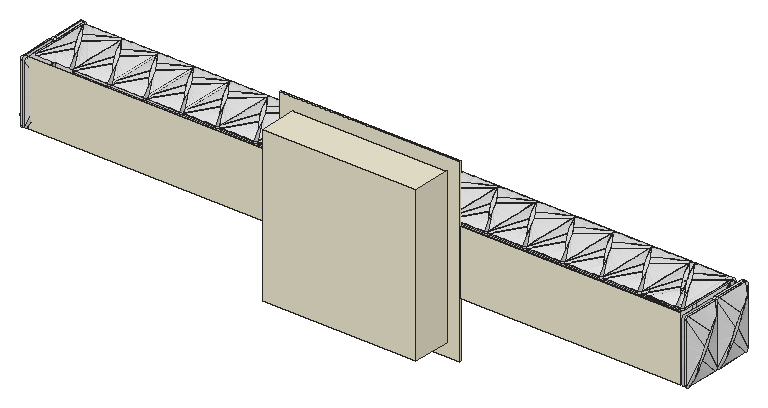
Revit family "3-573-15 Elan", category Luminarias, Revit 2021 (continued)
Definition of nested family "Family2"
  Forms (in)
    Blend 117, solid, material <- "Diffuser"
      base sketch origin (15.11811, 0, 0) x (1, 0, 0) y (0, 0, 1)
        loop
          line (-5.90551, -0.90551) -> (-5.90551, 0.90551)
      top sketch origin (15.11811, 0, 0) x (1, 0, 0) y (0, 0, 1)
        loop
          line (-6.89899, 0.68245) -> (-6.71635, 0.29079) -> (-6.53621, -0.05852) -> (-6.35588, -0.33357) -> (-6.0667, -0.72725) -> (-6.27171, -0.28388) -> (-6.43166, 0.00863) -> (-6.64427, 0.33334) -> (-6.89899, 0.68245)
      from 3.31463 to 3.45242
    Extrusion 118, solid, material <- "Diffuser"
      sketch origin (15.11811, 0, 0) x (1, 0, 0) y (0, 0, 1)
        loop
          arc (-5.90551, 0.90551) -> (-5.92857, 0.96119) -> (-5.98425, 0.98425) r 0.07874
          line (-5.98425, 0.98425) -> (-7.00787, 0.98425)
          arc (-7.00787, 0.98425) -> (-7.06355, 0.96119) -> (-7.08661, 0.90551) r 0.07874
          line (-7.08661, 0.90551) -> (-7.08661, -0.90551)
          arc (-7.08661, -0.90551) -> (-7.06355, -0.96119) -> (-7.00787, -0.98425) r 0.07874
          line (-7.00787, -0.98425) -> (-5.98425, -0.98425)
          arc (-5.98425, -0.98425) -> (-5.92857, -0.96119) -> (-5.90551, -0.90551) r 0.07874
          line (-5.90551, -0.90551) -> (-5.90551, 0.90551)
      from 3.25557 to 3.31463
    Blend 119, solid, material <- "Diffuser"
      base sketch origin (15.11811, -2.24007, -2.27132) x (1, 0, 0) y (0, 1, 0)
        loop
          arc (-5.90551, 0.90551) -> (-5.92857, 0.96119) -> (-5.98425, 0.98425) r 0.07874
          line (-5.98425, 0.98425) -> (-7.00787, 0.98425)
          arc (-7.00787, 0.98425) -> (-7.06355, 0.96119) -> (-7.08661, 0.90551) r 0.07874
          line (-7.08661, 0.90551) -> (-7.08661, -0.90551)
          arc (-7.08661, -0.90551) -> (-7.06355, -0.96119) -> (-7.00787, -0.98425) r 0.07874
          line (-7.00787, -0.98425) -> (-5.98425, -0.98425)
          arc (-5.98425, -0.98425) -> (-5.92857, -0.96119) -> (-5.90551, -0.90551) r 0.07874
          line (-5.90551, -0.90551) -> (-5.90551, 0.90551)
      top sketch origin (15.11811, -2.24007, -2.27132) x (1, 0, 0) y (0, 1, 0)
        loop
          line (-6.89899, 0.68245) -> (-6.71635, 0.29079) -> (-6.53621, -0.05852) -> (-6.35588, -0.33357) -> (-6.0667, -0.72725) -> (-6.27171, -0.28388) -> (-6.43166, 0.00863) -> (-6.64427, 0.33334) -> (-6.89899, 0.68245)
      from 3.31463 to 3.45242
    Extrusion 120, solid, material <- "Diffuser"
      sketch origin (15.11811, -2.24007, -2.27132) x (1, 0, 0) y (0, 1, 0)
        loop
          arc (-5.90551, 0.90551) -> (-5.92857, 0.96119) -> (-5.98425, 0.98425) r 0.07874
          line (-5.98425, 0.98425) -> (-7.00787, 0.98425)
          arc (-7.00787, 0.98425) -> (-7.06355, 0.96119) -> (-7.08661, 0.90551) r 0.07874
          line (-7.08661, 0.90551) -> (-7.08661, -0.90551)
          arc (-7.08661, -0.90551) -> (-7.06355, -0.96119) -> (-7.00787, -0.98425) r 0.07874
          line (-7.00787, -0.98425) -> (-5.98425, -0.98425)
          arc (-5.98425, -0.98425) -> (-5.92857, -0.96119) -> (-5.90551, -0.90551) r 0.07874
          line (-5.90551, -0.90551) -> (-5.90551, 0.90551)
      from 3.25557 to 3.31463
    Blend 121, solid, material <- "Diffuser"
      base sketch origin (2.13525, -2.24007, 2.34719) x (-0.999996, 0, 0.00275) y (0, 1, 0)
        loop
          arc (-5.90551, 0.90551) -> (-5.92857, 0.96119) -> (-5.98425, 0.98425) r 0.07874
          line (-5.98425, 0.98425) -> (-7.00787, 0.98425)
          arc (-7.00787, 0.98425) -> (-7.06355, 0.96119) -> (-7.08661, 0.90551) r 0.07874
          line (-7.08661, 0.90551) -> (-7.08661, -0.90551)
          arc (-7.08661, -0.90551) -> (-7.06355, -0.96119) -> (-7.00787, -0.98425) r 0.07874
          line (-7.00787, -0.98425) -> (-5.98425, -0.98425)
          arc (-5.98425, -0.98425) -> (-5.92857, -0.96119) -> (-5.90551, -0.90551) r 0.07874
          line (-5.90551, -0.90551) -> (-5.90551, 0.90551)
      top sketch origin (2.13525, -2.24007, 2.34719) x (-0.999996, 0, 0.00275) y (0, 1, 0)
        loop
          line (-6.89899, 0.68245) -> (-6.71635, 0.29079) -> (-6.53621, -0.05852) -> (-6.35588, -0.33357) -> (-6.0667, -0.72725) -> (-6.27171, -0.28388) -> (-6.43166, 0.00863) -> (-6.64427, 0.33334) -> (-6.89899, 0.68245)
      from 3.31463 to 3.45242
    Extrusion 122, solid, material <- "Diffuser"
      sketch origin (2.13525, -2.24007, 2.34719) x (-0.999996, 0, 0.00275) y (0, 1, 0)
        loop
          arc (-5.90551, 0.90551) -> (-5.92857, 0.96119) -> (-5.98425, 0.98425) r 0.07874
          line (-5.98425, 0.98425) -> (-7.00787, 0.98425)
          arc (-7.00787, 0.98425) -> (-7.06355, 0.96119) -> (-7.08661, 0.90551) r 0.07874
          line (-7.08661, 0.90551) -> (-7.08661, -0.90551)
          arc (-7.08661, -0.90551) -> (-7.06355, -0.96119) -> (-7.00787, -0.98425) r 0.07874
          line (-7.00787, -0.98425) -> (-5.98425, -0.98425)
          arc (-5.98425, -0.98425) -> (-5.92857, -0.96119) -> (-5.90551, -0.90551) r 0.07874
          line (-5.90551, -0.90551) -> (-5.90551, 0.90551)
      from 3.20242 to 3.31463
  Dimensions and locks (in)
    aligned and locked: level to plane 2
Types (3): name | Metal Finish
  3-xx-15 / Black - Matte White Acrylic | 15 - Black
  3-xx-40 / Aged Brass - Matte White Acrylic | 40 - Aged Brass
  3-xx-24 / Satin Nickel - Matte White Acrylic | 24 - Satin Nickel
